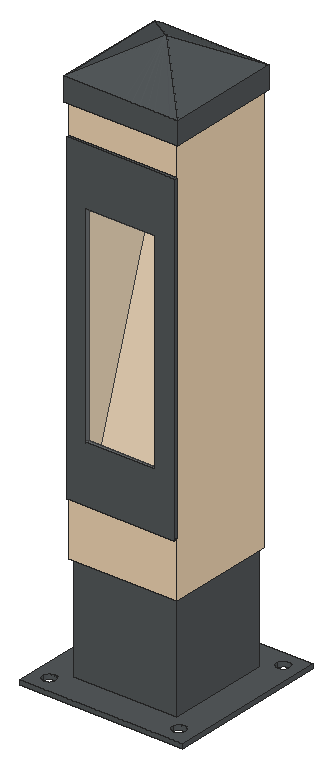
Revit family "Баум", category Осветительные приборы, Revit 2019 (continued)
Parameters (values of type "ДТУ961 Светодиодный светильник Баум ДТУ-96-AF-4Вт-0,6")
     0.4 0.4 0.4 0.4 0.4 0.4 0.4 0.4 0.4 0.4 0.4 0.4 0.4 0.4 0.4 0.4 0.4\r\n 0.4 0.4 0.4 0.4 0.4 0.4 0.4 0.4 0.4 0.6 0.4 0.4 0.4 0.2 0.2 0.2 0.2 0.2 0.2 0.0 0.0 0.0\r\n0.0 0.0 0.6 0.4 0.4 0.2 0.2 0.2 0.4 0.6 0.6 0.4 0.4 0.4 1.6 34.1 118.0 228.1 300.4 368.5 422.8 484.9 550.7 632.4 731.0 839.2 874.1\r\n 882.5 881.6 880.7 881.6 880.9 874.8 869.1 866.0 859.2 859.6 857.0 851.2 847.8 848.8 843.3 835.5 830.8 819.2 813.7 810.0 804.5\r\n 795.7 787.7 788.4 779.4 762.9 750.6 742.0 733.2 720.5 707.1 692.6 665.8 624.3 570.9 518.1 487.2 460.8 428.9 404.7 384.3 357.7\r\n 329.6 302.8 284.6 255.4 227.9 214.5 191.4 162.8 138.2 105.3 90.5 67.2 42.8 13.2 1.8 0.4 0.4 0.4 0.4 0.4 0.4 0.4 0.4 0.4 0.4 0.4\r\n 0.4 0.4 0.4 0.4 0.4 0.4 0.4 0.4 0.4 0.4 0.4 0.4 0.4 0.4 0.4 0.4 0.4 0.4 0.4 0.4 0.4 0.4 0.4 0.4 0.4 0.4 0.4 0.4 0.4 0.4 0.4 0.4\r\n 0.4 0.4 0.4 0.4 0.4 0.4 0.4 0.4 0.4 0.4 0.4 0.4 0.4 0.4 0.4 0.4 0.4 0.4 0.4 0.4 0.4 0.4 0.4 0.4 0.4 0.4 0.4 0.4 0.4 0.4 0.4 0.4\r\n 0.4 0.4 0.4 0.4 0.4 0.4 0.4 0.4 0.4 0.4 0.4 0.4 0.4 0.2 0.2 0.2 0.2 0.2 0.2 0.0 0.0 0.0\r\n0.0 0.0 0.6 0.4 0.4 0.2 0.2 0.2 0.4 0.6 0.6 0.4 0.4 0.4 0.6 9.9 60.8 171.2 256.9 323.4 383.9 430.2 477.3 537.5 604.5 690.6 768.0\r\n 802.2 810.8 808.4 802.0 800.9 810.0 805.6 799.0 797.4 790.2 792.8 790.4 782.2 775.4 767.3 762.7 757.2 754.6 749.7 742.9 742.9\r\n 735.9 725.1 712.6 700.5 698.3 687.5 674.1 663.6 655.7 642.3 632.0 617.2 590.4 550.9 497.3 451.5 419.9 391.1 359.1 330.0 315.3\r\n 287.4 264.6 246.3 228.1 202.8 180.6 162.8 135.3 114.3 94.0 79.1 60.6 37.4 17.3 2.4 0.4 0.4 0.4 0.4 0.4 0.4 0.4 0.4 0.4 0.4 0.4\r\n 0.4 0.4 0.4 0.4 0.4 0.4 0.4 0.4 0.4 0.4 0.4 0.4 0.4 0.4 0.4 0.4 0.4 0.4 0.4 0.4 0.4 0.4 0.4 0.4 0.4 0.4 0.4 0.4 0.4 0.4 0.4 0.4\r\n 0.4 0.4 0.4 0.4 0.4 0.4 0.4 0.4 0.4 0.4 0.4 0.4 0.4 0.4 0.4 0.4 0.4 0.4 0.4 0.4 0.4 0.4 0.4 0.4 0.4 0.4 0.4 0.4 0.4 0.4 0.4 0.4\r\n 0.4 0.4 0.4 0.4 0.4 0.4 0.4 0.4 0.4 0.4 0.4 0.4 0.4 0.2 0.2 0.2 0.2 0.2 0.2 0.0 0.0 0.0\r\n0.0 0.0 0.6 0.2 0.4 0.2 0.2 0.2 0.4 0.6 0.6 0.4 0.4 0.4 0.4 2.4 22.0 98.9 196.9 276.4 331.3 372.7 412.7 456.6 504.9 562.3 625.1\r\n 700.7 716.1 721.0 724.0 725.8 722.7 722.3 723.6 723.8 722.0 719.9 717.9 711.7 712.8 707.5 703.6 699.2 687.6 682.1 673.5 659.7\r\n 655.5 649.8 639.2 632.2 625.2 619.5 609.8 595.7 580.5 570.9 560.5 547.3 536.2 513.1 470.2 421.9 378.4 350.1 325.7 293.6 271.0\r\n 255.3 228.8 204.6 189.6 170.5 151.4 137.8 123.1 102.2 82.2 65.2 54.7 35.2 16.3 1.8 0.4 0.4 0.4 0.4 0.4 0.4 0.4 0.4 0.4 0.4 0.4\r\n 0.4 0.4 0.4 0.4 0.4 0.4 0.4 0.4 0.4 0.4 0.4 0.4 0.4 0.4 0.4 0.4 0.4 0.4 0.4 0.4 0.4 0.4 0.4 0.4 0.4 0.4 0.4 0.4 0.4 0.4 0.4 0.4\r\n 0.4 0.4 0.4 0.4 0.4 0.4 0.4 0.4 0.4 0.4 0.4 0.4 0.4 0.4 0.4 0.4 0.4 0.4 0.4 0.4 0.4 0.4 0.4 0.4 0.4 0.4 0.4 0.4 0.4 0.4 0.4 0.4\r\n 0.4 0.4 0.4 0.4 0.4 0.4 0.4 0.4 0.4 0.4 0.4 0.4 0.4 0.2 0.2 0.2 0.2 0.2 0.2 0.0 0.0 0.0\r\n0.0 0.0 0.4 0.2 0.4 0.2 0.2 0.2 0.4 0.6 0.6 0.4 0.4 0.4 0.4 0.7 5.0 40.0 113.6 218.6 276.9 320.8 365.2 401.4 443.4 497.7 546.9\r\n 600.1 633.3 655.5 662.9 660.5 654.8 659.6 662.3 659.2 654.0 654.2 646.3 647.3 645.2 636.3 633.7 629.8 626.5 616.6 608.5 606.5\r\n 599.5 593.9 586.2 576.8 569.5 559.7 551.8 541.4 534.8 525.2 517.0 509.3 496.8 483.0 463.0 423.7 373.3 327.6 298.4 276.0 249.4\r\n 230.3 213.1 190.7 170.3 158.6 138.9 121.1 110.3 92.7 76.2 58.4 46.8 31.9 13.2 0.9 0.4 0.4 0.4 0.4 0.4 0.4 0.4 0.4 0.4 0.4 0.4 0.4\r\n 0.4 0.4 0.4 0.4 0.4 0.4 0.4 0.4 0.4 0.4 0.4 0.4 0.4 0.4 0.4 0.4 0.4 0.4 0.4 0.4 0.4 0.4 0.4 0.4 0.4 0.4 0.4 0.4 0.4 0.4 0.4 0.4\r\n 0.4 0.4 0.4 0.4 0.4 0.4 0.4 0.4 0.4 0.4 0.4 0.4 0.4 0.4 0.4 0.4 0.4 0.4 0.4 0.4 0.4 0.4 0.4 0.4 0.4 0.4 0.4 0.4 0.4 0.4 0.4 0.4\r\n 0.4 0.4 0.4 0.4 0.4 0.4 0.4 0.4 0.4 0.4 0.4 0.4 0.2 0.2 0.2 0.2 0.2 0.2 0.0 0.0 0.0\r\n0.0 0.0 0.4 0.2 0.4 0.2 0.2 0.2 0.4 0.6 0.6 0.4 0.4 0.4 0.4 0.6 0.9 11.4 45.3 131.0 208.1 262.4 306.5 345.9 381.4 427.0 464.7\r\n 505.8 532.6 588.3 601.0 598.8 596.6 592.2 593.3 594.8 594.2 593.5 591.3 585.2 580.8 582.7 572.8 570.7 568.0 559.5 555.0 548.7\r\n 544.3 539.4 533.7 526.9 518.1 507.2 499.0 494.8 483.6 474.6 464.3 452.5 442.1 429.8 417.3 398.4 369.4 324.1 280.8 251.1 230.5\r\n 210.5 194.0 179.3 159.1 142.2 131.8 113.4 97.1 86.1 69.0 52.5 38.2 28.1 14.5 2.6 0.7 0.4 0.4 0.4 0.4 0.4 0.4 0.4 0.4 0.4 0.4 0.4\r\n 0.4 0.4 0.4 0.4 0.4 0.4 0.4 0.4 0.4 0.4 0.4 0.4 0.4 0.4 0.4 0.4 0.4 0.4 0.4 0.4 0.4 0.4 0.4 0.4 0.4 0.4 0.4 0.4 0.4 0.4 0.4 0.4\r\n 0.4 0.4 0.4 0.4 0.4 0.4 0.4 0.4 0.4 0.4 0.4 0.4 0.4 0.4 0.4 0.4 0.4 0.4 0.4 0.4 0.4 0.4 0.4 0.4 0.4 0.4 0.4 0.4 0.4 0.4 0.4 0.4\r\n 0.4 0.4 0.4 0.4 0.4 0.4 0.4 0.4 0.4 0.4 0.4 0.4 0.2 0.2 0.2 0.2 0.2 0.2 0.0 0.0 0.0\r\n0.0 0.0 0.4 0.2 0.4 0.2 0.2 0.2 0.4 0.6 0.6 0.4 0.4 0.4 0.4 0.4 0.4 2.4 11.4 49.4 117.8 181.3 228.7 269.4 312.7 352.4 385.2 425.2\r\n 452.2 475.9 515.9 546.2 554.4 553.3 547.4 542.3 540.7 537.3 533.8 532.2 528.0 519.9 513.1 506.7 507.8 505.4 497.9 494.8 484.7\r\n 479.5 477.0 469.6 463.6 457.7 448.9 440.8 431.3 422.8 413.8 406.1 396.4 386.1 376.6 365.2 351.1 322.4 284.1 240.6 212.7 192.0\r\n 174.2 159.3 145.5 127.9 114.5 101.5 85.9 73.8 61.5 44.8 32.5 26.6 16.1 4.2 0.6 0.4 0.4 0.4 0.4 0.4 0.4 0.4 0.4 0.4 0.4 0.4 0.4\r\n 0.4 0.4 0.4 0.4 0.4 0.4 0.4 0.4 0.4 0.4 0.4 0.4 0.4 0.4 0.4 0.4 0.4 0.4 0.4 0.4 0.4 0.4 0.4 0.4 0.4 0.4 0.4 0.4 0.4 0.4 0.4 0.4\r\n 0.4 0.4 0.4 0.4 0.4 0.4 0.4 0.4 0.4 0.4 0.4 0.4 0.4 0.4 0.4 0.4 0.4 0.4 0.4 0.4 0.4 0.4 0.4 0.4 0.4 0.4 0.4 0.4 0.4 0.4 0.4 0.4\r\n 0.4 0.4 0.4 0.4 0.4 0.4 0.4 0.4 0.4 0.4 0.4 0.2 0.2 0.2 0.2 0.2 0.2 0.0 0.0 0.0\r\n0.0 0.0 0.4 0.2 0.4 0.2 0.2 0.2 0.4 0.6 0.6 0.4 0.4 0.4 0.4 0.4 0.4 0.6 1.6 11.4 46.4 98.0 144.4 186.3 221.7 255.1 282.6 305.2\r\n 338.2 371.3 402.1 445.2 487.2 489.6 489.4 491.1 486.5 478.4 476.2 472.0 464.1 462.3 457.1 450.7 442.3 440.8 434.9 429.8 422.8\r\n 414.6 409.4 405.2 397.5 394.9 385.8 382.5 377.1 368.5 361.7 352.5 344.6 336.6 329.6 320.0 311.6 301.0 282.3 253.4 218.2 190.9\r\n 172.3 152.9 137.1 123.9 107.2 95.3 81.8 69.0 58.4 47.9 36.9 27.9 19.8 10.5 2.0 0.4 0.4 0.4 0.4 0.4 0.4 0.4 0.4 0.4 0.4 0.4 0.4\r\n 0.4 0.4 0.4 0.4 0.4 0.4 0.4 0.4 0.4 0.4 0.4 0.4 0.4 0.4 0.4 0.4 0.4 0.4 0.4 0.4 0.4 0.4 0.4 0.4 0.4 0.4 0.4 0.4 0.4 0.4 0.4 0.4\r\n 0.4 0.4 0.4 0.4 0.4 0.4 0.4 0.4 0.4 0.4 0.4 0.4 0.4 0.4 0.4 0.4 0.4 0.4 0.4 0.4 0.4 0.4 0.4 0.4 0.4 0.4 0.4 0.4 0.4 0.4 0.4 0.4\r\n 0.4 0.4 0.4 0.4 0.4 0.4 0.4 0.4 0.4 0.4 0.4 0.2 0.2 0.2 0.2 0.2 0.2 0.0 0.0 0.0\r\n0.0 0.0 0.4 0.2 0.4 0.2 0.2 0.2 0.4 0.6 0.6 0.4 0.4 0.4 0.4 0.4 0.4 0.4 0.6 1.8 10.5 28.3 61.3 102.2 139.7 167.7 185.9 201.9 226.5\r\n 245.9 269.8 306.8 335.5 385.4 411.6 422.8 425.9 422.3 416.0 409.6 408.1 404.7 401.5 395.3 389.6 383.4 376.4 368.0 364.5 360.1\r\n 351.1 345.9 340.6 332.7 328.1 318.0 309.2 304.5 298.0 289.4 284.1 279.5 270.1 262.4 254.5 244.8 234.5 219.9 197.1 172.7 152.1\r\n 138.0 121.1 109.2 98.2 84.1 76.3 63.9 55.2 45.5 35.8 25.9 18.5 10.3 2.9 0.4 0.4 0.4 0.4 0.4 0.4 0.4 0.4 0.4 0.4 0.4 0.4 0.4 0.4\r\n 0.4 0.4 0.4 0.4 0.4 0.4 0.4 0.4 0.4 0.4 0.4 0.4 0.4 0.4 0.4 0.4 0.4 0.4 0.4 0.4 0.4 0.4 0.4 0.4 0.4 0.4 0.4 0.4 0.4 0.4 0.4 0.4\r\n 0.4 0.4 0.4 0.4 0.4 0.4 0.4 0.4 0.4 0.4 0.4 0.4 0.4 0.4 0.4 0.4 0.4 0.4 0.4 0.4 0.4 0.4 0.4 0.4 0.4 0.4 0.4 0.4 0.4 0.4 0.4 0.4\r\n 0.4 0.4 0.4 0.4 0.4 0.4 0.2 0.4 0.4 0.2 0.2 0.2 0.2 0.2 0.2 0.0 0.0 0.0\r\n0.0 0.0 0.4 0.2 0.2 0.2 0.2 0.2 0.4 0.6 0.4 0.4 0.4 0.4 0.4 0.4 0.4 0.4 0.4 0.6 1.3 3.5 15.8 38.0 70.1 98.4 126.8 143.9 164.1\r\n 182.2 198.6 228.8 255.4 276.4 312.3 343.9 360.6 369.0 369.4 370.7 365.0 360.6 355.7 350.0 348.0 342.1 337.9 335.1 330.0 322.8\r\n 318.0 312.7 306.1 302.4 298.2 293.3 288.1 280.0 272.7 266.5 258.6 251.8 245.0 237.5 229.9 221.3 212.5 205.4 196.5 179.1 158.8\r\n 138.0 123.3 110.1 98.6 88.5 76.7 66.6 57.6 47.3 39.3 29.5 21.5 15.1 5.9 1.1 0.4 0.4 0.4 0.4 0.4 0.4 0.4 0.4 0.4 0.4 0.4 0.4 0.4\r\n 0.4 0.4 0.4 0.4 0.4 0.4 0.4 0.4 0.4 0.4 0.4 0.4 0.4 0.4 0.4 0.4 0.4 0.4 0.4 0.4 0.4 0.4 0.4 0.4 0.4 0.4 0.4 0.4 0.4 0.4 0.4 0.4\r\n 0.4 0.4 0.4 0.4 0.4 0.4 0.4 0.4 0.4 0.4 0.4 0.4 0.4 0.4 0.4 0.4 0.4 0.4 0.4 0.4 0.4 0.4 0.4 0.4 0.4 0.4 0.4 0.4 0.4 0.4 0.4 0.4\r\n 0.4 0.4 0.4 0.4 0.4 0.4 0.2 0.2 0.4 0.2 0.2 0.2 0.2 0.2 0.2 0.0 0.0 0.0\r\n0.0 0.0 0.4 0.2 0.2 0.2 0.2 0.2 0.4 0.6 0.4 0.4 0.4 0.4 0.4 0.4 0.4 0.4 0.4 0.4 0.4 0.6 2.4 6.6 18.4 31.4 73.4 103.5 125.9 145.0\r\n 160.6 178.8 196.9 218.2 242.4 258.9 288.5 319.0 332.5 351.8 350.3 350.0 344.6 343.9 338.8 335.6 332.0 323.9 317.9 313.6 309.8\r\n 305.4 299.1 294.0 287.4 282.1 274.9 266.3 260.0 254.4 248.1 241.3 233.1 225.7 217.1 209.6 200.9 193.6 185.9 177.1 164.3 145.0\r\n 124.6 108.1 96.7 84.8 75.1 63.1 54.9 43.5 37.8 29.0 20.4 13.9 6.4 0.9 0.4 0.4 0.4 0.4 0.4 0.4 0.4 0.4 0.4 0.4 0.4 0.4 0.4 0.4 0.4\r\n 0.4 0.4 0.4 0.4 0.4 0.4 0.4 0.4 0.4 0.4 0.4 0.4 0.4 0.4 0.4 0.4 0.4 0.4 0.4 0.4 0.4 0.4 0.4 0.4 0.4 0.4 0.4 0.4 0.4 0.4 0.4 0.4\r\n 0.4 0.4 0.4 0.4 0.4 0.4 0.4 0.4 0.4 0.4 0.4 0.4 0.4 0.4 0.4 0.4 0.4 0.4 0.4 0.4 0.4 0.4 0.4 0.4 0.4 0.4 0.4 0.4 0.4 0.4 0.4 0.4\r\n 0.4 0.4 0.4 0.4 0.2 0.2 0.4 0.2 0.2 0.2 0.2 0.2 0.2 0.0 0.0 0.0\r\n0.0 0.0 0.4 0.2 0.2 0.2 0.2 0.2 0.4 0.6 0.4 0.4 0.4 0.4 0.4 0.4 0.4 0.4 0.4 0.4 0.4 0.4 0.6 0.6 2.2 6.4 19.5 34.1 70.7 91.0 109.8\r\n 128.1 149.8 169.0 183.9 203.0 224.3 248.1 279.5 298.8 310.9 323.7 334.9 332.4 331.3 325.7 320.8 318.6 312.0 306.1 297.9 289.8\r\n 282.6 276.6 272.0 265.7 257.3 249.2 243.2 236.9 231.0 223.9 215.4 207.9 200.2 192.1 184.8 177.6 170.1 162.1 152.9 143.7 130.3\r\n 112.1 94.9 82.4 70.5 61.5 50.7 44.0 34.9 28.8 20.7 13.8 8.6 3.1 0.7 0.4 0.4 0.4 0.4 0.4 0.4 0.4 0.4 0.4 0.4 0.4 0.4 0.4 0.4 0.4\r\n 0.4 0.4 0.4 0.4 0.4 0.4 0.4 0.4 0.4 0.4 0.4 0.4 0.4 0.4 0.4 0.4 0.4 0.4 0.4 0.4 0.4 0.4 0.4 0.4 0.4 0.4 0.4 0.4 0.4 0.4 0.4 0.4\r\n 0.4 0.4 0.4 0.4 0.4 0.4 0.4 0.4 0.4 0.4 0.4 0.4 0.4 0.4 0.4 0.4 0.4 0.4 0.4 0.4 0.4 0.4 0.4 0.4 0.4 0.4 0.4 0.4 0.4 0.4 0.4 0.4\r\n 0.4 0.4 0.4 0.2 0.2 0.4 0.2 0.2 0.2 0.2 0.2 0.2 0.0 0.0 0.0\r\n0.0 0.0 0.4 0.2 0.2 0.2 0.2 0.2 0.4 0.6 0.4 0.4 0.4 0.4 0.4 0.4 0.4 0.4 0.4 0.4 0.4 0.4 0.4 0.4 0.4 1.1 2.2 4.2 11.2 38.7 58.0\r\n 74.5 100.8 121.5 140.4 151.8 165.5 182.2 198.2 209.8 214.5 232.0 237.5 234.4 229.4 226.1 219.5 214.7 211.0 208.8 203.9 202.4\r\n 204.3 204.8 202.2 198.7 195.8 193.6 189.0 183.9 178.6 172.5 167.9 162.2 156.2 150.3 144.6 138.7 131.8 125.2 118.2 110.5 103.1\r\n 92.1 78.2 62.8 50.8 42.8 36.0 28.1 22.6 16.5 12.1 7.2 4.0 1.1 0.4 0.4 0.4 0.4 0.4 0.4 0.4 0.4 0.4 0.4 0.4 0.4 0.4 0.4 0.4 0.4 0.4\r\n 0.4 0.4 0.4 0.4 0.4 0.4 0.4 0.4 0.4 0.4 0.4 0.4 0.4 0.4 0.4 0.4 0.4 0.4 0.4 0.4 0.4 0.4 0.4 0.4 0.4 0.4 0.4 0.4 0.4 0.4 0.4 0.4\r\n 0.4 0.4 0.4 0.4 0.4 0.4 0.4 0.4 0.4 0.4 0.4 0.4 0.4 0.4 0.4 0.4 0.4 0.4 0.4 0.4 0.4 0.4 0.4 0.4 0.4 0.4 0.4 0.4 0.4 0.4 0.4 0.4\r\n 0.4 0.4 0.2 0.2 0.4 0.2 0.2 0.2 0.2 0.2 0.2 0.0 0.0 0.0\r\n0.0 0.0 0.4 0.2 0.2 0.2 0.2 0.2 0.4 0.6 0.4 0.4 0.4 0.4 0.4 0.4 0.4 0.4 0.4 0.4 0.4 0.4 0.4 0.4 0.4 0.4 0.4 0.4 0.7 4.6 6.8 20.0\r\n 34.3 45.5 72.1 99.1 113.6 129.9 136.4 144.1 151.0 160.8 163.7 162.1 160.6 155.1 151.0 147.0 142.8 141.1 139.3 136.9 133.6 131.9\r\n 129.9 126.4 122.2 119.3 116.5 115.1 112.5 108.8 105.9 102.6 99.3 96.5 92.3 87.5 83.1 79.5 75.2 69.9 64.8 60.2 55.4 48.3 36.7 26.8\r\n 19.5 13.6 9.7 6.2 3.7 2.2 0.7 0.4 0.4 0.4 0.4 0.4 0.4 0.4 0.4 0.4 0.4 0.4 0.4 0.4 0.4 0.4 0.4 0.4 0.4 0.4 0.4 0.4 0.4 0.4 0.4 0.4\r\n 0.4 0.4 0.4 0.4 0.4 0.4 0.4 0.4 0.4 0.4 0.4 0.4 0.4 0.4 0.4 0.4 0.4 0.4 0.4 0.4 0.4 0.4 0.4 0.4 0.4 0.4 0.4 0.4 0.4 0.4 0.4 0.4\r\n 0.4 0.4 0.4 0.4 0.4 0.4 0.4 0.4 0.4 0.4 0.4 0.4 0.4 0.4 0.4 0.4 0.4 0.4 0.6 0.6 0.4 0.4 0.4 0.4 0.4 0.4 0.4 0.2 0.2 0.4 0.2 0.2\r\n 0.2 0.2 0.2 0.2 0.0 0.0 0.0\r\n0.0 0.0 0.4 0.2 0.2 0.2 0.2 0.2 0.4 0.6 0.4 0.4 0.4 0.4 0.4 0.4 0.4 0.4 0.4 0.4 0.4 0.4 0.4 0.4 0.4 0.4 0.4 0.4 0.4 0.4 0.4 1.8\r\n 3.1 9.9 19.8 19.3 32.1 70.3 78.0 81.1 85.0 88.5 91.4 89.6 84.2 80.9 78.4 77.6 79.7 78.9 77.1 75.6 75.2 73.4 71.8 70.5 70.5 71.8\r\n 71.8 69.6 67.3 65.9 63.5 60.9 58.2 55.4 52.7 49.0 46.1 43.5 40.9 38.4 35.8 33.6 31.6 29.2 26.2 19.3 9.7 6.2 4.2 2.2 0.9 0.6 0.4\r\n 0.4 0.4 0.4 0.4 0.4 0.4 0.4 0.4 0.4 0.4 0.4 0.4 0.4 0.4 0.4 0.4 0.4 0.4 0.4 0.4 0.4 0.4 0.4 0.4 0.4 0.4 0.4 0.4 0.4 0.4 0.4 0.4\r\n 0.4 0.4 0.4 0.4 0.4 0.4 0.4 0.4 0.4 0.4 0.4 0.4 0.4 0.4 0.4 0.4 0.4 0.4 0.4 0.4 0.4 0.4 0.4 0.4 0.4 0.4 0.4 0.4 0.4 0.4 0.4 0.4\r\n 0.4 0.4 0.4 0.4 0.4 0.4 0.4 0.4 0.4 0.4 0.4 0.6 0.6 0.4 0.4 0.4 0.4 0.4 0.4 0.4 0.2 0.2 0.4 0.2 0.2 0.2 0.2 0.2 0.2 0.0 0.0 0.0\r\n0.0 0.0 0.4 0.2 0.2 0.2 0.2 0.2 0.4 0.6 0.4 0.4 0.4 0.4 0.4 0.4 0.4 0.4 0.4 0.4 0.4 0.4 0.4 0.4 0.4 0.4 0.4 0.4 0.4 0.4 0.4 0.4\r\n 0.4 0.9 1.6 1.3 2.9 4.8 5.7 3.8 4.4 6.1 8.8 11.9 14.9 17.6 20.4 22.6 24.4 23.9 24.0 21.8 18.9 15.4 13.6 12.9 12.3 10.3 8.3 7.2\r\n 6.8 6.6 6.1 5.0 4.0 2.9 1.8 1.3 0.7 0.7 0.7 0.7 0.7 0.9 0.9 0.9 1.1 0.9 0.9 0.6 0.4 0.4 0.4 0.4 0.4 0.4 0.4 0.4 0.4 0.4 0.4 0.4\r\n 0.4 0.4 0.4 0.4 0.4 0.4 0.4 0.4 0.4 0.4 0.4 0.4 0.4 0.4 0.4 0.4 0.4 0.4 0.4 0.4 0.4 0.4 0.4 0.4 0.4 0.4 0.4 0.4 0.4 0.4 0.4 0.4\r\n 0.4 0.4 0.4 0.4 0.4 0.4 0.4 0.4 0.4 0.4 0.4 0.4 0.4 0.4 0.4 0.4 0.4 0.4 0.4 0.4 0.4 0.4 0.4 0.4 0.4 0.4 0.4 0.4 0.4 0.4 0.4 0.4\r\n 0.4 0.4 0.4 0.4 0.4 0.4 0.4 0.4 0.4 0.4 0.4 0.4 0.4 0.2 0.2 0.2 0.2 0.2 0.2 0.2 0.2 0.2 0.0 0.0 0.0\r\n0.0 0.0 0.4 0.2 0.2 0.2 0.2 0.2 0.4 0.6 0.4 0.4 0.4 0.4 0.4 0.4 0.4 0.4 0.4 0.4 0.4 0.4 0.4 0.4 0.4 0.4 0.4 0.4 0.4 0.4 0.4 0.4\r\n 0.4 0.4 0.4 0.4 0.4 0.4 0.6 0.4 0.4 0.4 0.6 0.6 0.7 0.7 0.7 0.7 0.7 0.6 0.6 0.6 0.6 0.6 0.6 0.6 0.4 0.4 0.4 0.4 0.4 0.4 0.4 0.4\r\n 0.4 0.4 0.4 0.4 0.4 0.4 0.4 0.4 0.4 0.4 0.4 0.4 0.4 0.4 0.4 0.4 0.4 0.4 0.4 0.4 0.4 0.4 0.4 0.4 0.4 0.4 0.4 0.4 0.4 0.4 0.4 0.4\r\n 0.4 0.4 0.4 0.4 0.4 0.4 0.4 0.4 0.4 0.4 0.4 0.4 0.4 0.4 0.4 0.4 0.4 0.4 0.4 0.4 0.4 0.4 0.4 0.4 0.4 0.4 0.4 0.4 0.4 0.4 0.4 0.4\r\n 0.4 0.4 0.4 0.4 0.4 0.4 0.4 0.4 0.4 0.4 0.4 0.4 0.4 0.4 0.4 0.4 0.4 0.4 0.4 0.4 0.4 0.4 0.4 0.4 0.4 0.4 0.4 0.4 0.4 0.4 0.4 0.4\r\n 0.4 0.4 0.4 0.4 0.4 0.4 0.4 0.4 0.4 0.2 0.2 0.2 0.2 0.2 0.2 0.2 0.2 0.2 0.0 0.0 0.0\r\n0.0 0.0 0.2 0.2 0.2 0.2 0.2 0.2 0.4 0.6 0.4 0.4 0.4 0.4 0.4 0.4 0.4 0.4 0.4 0.4 0.4 0.4 0.4 0.4 0.4 0.4 0.4 0.4 0.4 0.4 0.4 0.4\r\n 0.4 0.4 0.4 0.4 0.4 0.4 0.4 0.4 0.4 0.4 0.4 0.4 0.4 0.4 0.4 0.4 0.4 0.4 0.4 0.4 0.4 0.4 0.4 0.4 0.4 0.4 0.4 0.4 0.4 0.4 0.4 0.4\r\n 0.4 0.4 0.4 0.4 0.4 0.4 0.4 0.4 0.4 0.4 0.4 0.4 0.4 0.4 0.4 0.4 0.4 0.4 0.4 0.4 0.4 0.4 0.4 0.4 0.4 0.4 0.4 0.4 0.4 0.4 0.4 0.4\r\n 0.4 0.4 0.4 0.4 0.4 0.4 0.4 0.4 0.4 0.4 0.4 0.4 0.4 0.4 0.4 0.4 0.4 0.4 0.4 0.4 0.4 0.4 0.4 0.4 0.4 0.4 0.4 0.4 0.4 0.4 0.4 0.4\r\n 0.4 0.4 0.4 0.4 0.4 0.4 0.4 0.4 0.4 0.4 0.4 0.4 0.4 0.4 0.4 0.4 0.4 0.4 0.4 0.4 0.4 0.4 0.4 0.4 0.4 0.4 0.4 0.4 0.4 0.4 0.4 0.4\r\n 0.4 0.4 0.4 0.4 0.4 0.4 0.4 0.4 0.4 0.2 0.2 0.2 0.2 0.2 0.2 0.2 0.2 0.2 0.0 0.0 0.0\r\n0.0 0.0 0.2 0.2 0.2 0.2 0.2 0.2 0.4 0.6 0.4 0.4 0.4 0.4 0.4 0.4 0.4 0.4 0.4 0.4 0.4 0.4 0.4 0.4 0.4 0.4 0.4 0.4 0.4 0.4 0.4 0.4\r\n 0.4 0.4 0.4 0.4 0.4 0.4 0.4 0.4 0.4 0.4 0.4 0.4 0.4 0.4 0.4 0.4 0.4 0.4 0.4 0.4 0.4 0.4 0.4 0.4 0.4 0.4 0.4 0.4 0.4 0.4 0.4 0.4\r\n 0.4 0.4 0.4 0.4 0.4 0.4 0.4 0.4 0.4 0.4 0.4 0.4 0.4 0.4 0.4 0.4 0.4 0.4 0.4 0.4 0.4 0.4 0.4 0.4 0.4 0.4 0.4 0.4 0.4 0.4 0.4 0.4\r\n 0.4 0.4 0.4 0.4 0.4 0.4 0.4 0.4 0.4 0.4 0.4 0.4 0.4 0.4 0.4 0.4 0.4 0.4 0.4 0.4 0.4 0.4 0.4 0.4 0.4 0.4 0.4 0.4 0.4 0.4 0.4 0.4\r\n 0.4 0.4 0.4 0.4 0.4 0.4 0.4 0.4 0.4 0.4 0.4 0.4 0.4 0.4 0.4 0.4 0.4 0.4 0.4 0.4 0.4 0.4 0.4 0.4 0.4 0.4 0.4 0.4 0.4 0.4 0.4 0.4\r\n 0.4 0.4 0.4 0.4 0.4 0.4 0.4 0.4 0.4 0.2 0.2 0.2 0.2 0.2 0.2 0.2 0.2 0.2 0.0 0.0 0.0\r\n0.0 0.0 0.2 0.2 0.2 0.2 0.2 0.2 0.4 0.6 0.4 0.4 0.4 0.4 0.4 0.4 0.4 0.4 0.4 0.4 0.4 0.4 0.4 0.4 0.4 0.4 0.4 0.4 0.4 0.4 0.4 0.4\r\n 0.4 0.4 0.4 0.4 0.4 0.4 0.4 0.4 0.4 0.4 0.4 0.4 0.4 0.4 0.4 0.4 0.4 0.4 0.4 0.4 0.4 0.4 0.4 0.4 0.4 0.4 0.4 0.4 0.4 0.4 0.4 0.4\r\n 0.4 0.4 0.4 0.4 0.4 0.4 0.4 0.4 0.4 0.4 0.4 0.4 0.4 0.4 0.4 0.4 0.4 0.4 0.4 0.4 0.4 0.4 0.4 0.4 0.4 0.4 0.4 0.4 0.4 0.4 0.4 0.4\r\n 0.4 0.4 0.4 0.4 0.4 0.4 0.4 0.4 0.4 0.4 0.4 0.4 0.4 0.4 0.4 0.4 0.4 0.4 0.4 0.4 0.4 0.4 0.4 0.4 0.4 0.4 0.4 0.4 0.4 0.4 0.4 0.4\r\n 0.4 0.4 0.4 0.4 0.4 0.4 0.4 0.4 0.4 0.4 0.4 0.4 0.4 0.4 0.4 0.4 0.4 0.4 0.4 0.4 0.4 0.4 0.4 0.4 0.4 0.4 0.4 0.4 0.4 0.4 0.4 0.4\r\n 0.4 0.4 0.4 0.4 0.4 0.4 0.4 0.4 0.4 0.2 0.2 0.2 0.2 0.2 0.2 0.2 0.2 0.2 0.0 0.0 0.0\r\n0.0 0.0 0.2 0.2 0.2 0.2 0.2 0.2 0.4 0.6 0.4 0.4 0.4 0.4 0.4 0.4 0.4 0.4 0.4 0.4 0.4 0.4 0.4 0.4 0.4 0.4 0.4 0.4 0.4 0.4 0.4 0.4\r\n 0.6 0.4 0.4 0.4 0.4 0.4 0.4 0.4 0.4 0.4 0.6 0.4 0.4 0.4 0.4 0.4 0.4 0.4 0.4 0.4 0.4 0.4 0.4 0.4 0.4 0.4 0.4 0.4 0.4 0.4 0.6 0.4\r\n 0.4 0.4 0.4 0.4 0.4 0.4 0.4 0.4 0.4 0.4 0.4 0.4 0.
